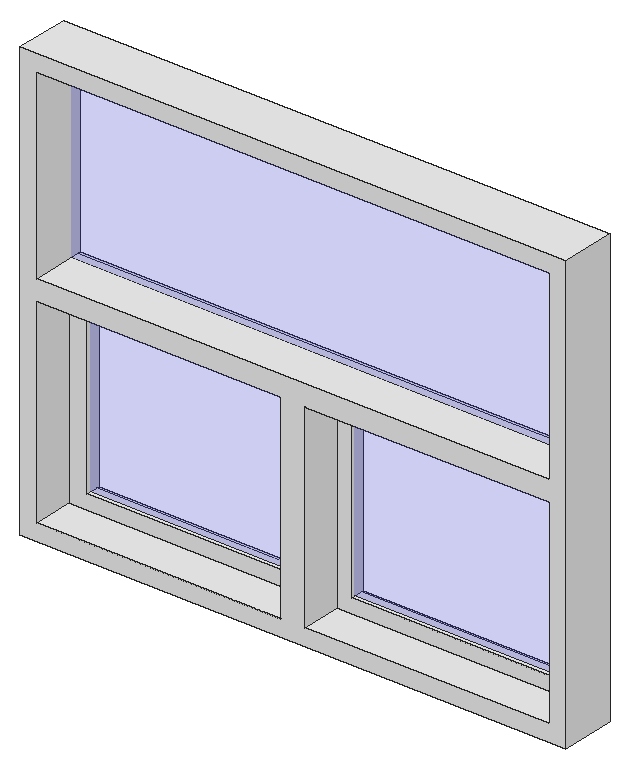
Revit family
Parameters (values of type "AW10")
  창 두께 = 150 mm
  창 패널 = AW9 창 패널
  창 프레임 = AW9 창 프레임
  Height = 1200 mm
  절반 창 두께 = 창 두께 / 2  # 75 mm
  기본 씰 높이 = 1200 mm
  Wall Closure = (empty or 0)
  Width = 1500 mm
Types (4, lengths in mm): name | Height | 기본 씰 높이
  (no name) | 1200 | 1200
  AW9 | 1500 | 1200
  AW9-1 | 1500 | 900
  AW10 | 1200 | 1200
Reference planes
  plane 1: y = 0
  plane 2 "중심(왼쪽/오른쪽)": x = 0
  plane 3 "왼쪽": x = -750
  plane 4 "오른쪽": x = 750
  plane 5 "씰": z = 1200
  plane 6 "헤드": z = 2400
  plane 7 "외부": y = 100
  plane 8 "내부": y = -100
  plane 9: y = 75
  plane 10: y = -75
  plane 11: y = 35
  plane 12: x = -705
  plane 13: x = 705
  plane 14: x = -695
  plane 15: x = 695
  plane 16: z = 1800
  plane 17: z = 1790
  plane 18: z = 1845
  plane 19: y = 55
  plane 20: y = 66
  plane 21: y = 44
  plane 22: y = -11
  plane 23: y = 11
  plane 24: x = -22.5
  plane 25: x = 22.5
  plane 26: x = -32.5
  plane 27: x = 32.5
  plane 28: z = 2355
  plane 29: z = 1245
  plane 30: x = 655
  plane 31: z = 1750
  plane 32: x = -655
  plane 33: z = 1285
  plane 34: x = 72.5
  plane 35: x = -72.5
  plane 36: x = 368.75
  plane 37: x = -368.75
Forms (mm)
  Extrusion 1, solid, material "AW9 창 프레임" <- "창 프레임"
    sketch origin (-2000, 75, 1000) x (-1, 0, 0) y (0, 0, 1)
      loop
        line (-2750, 1400) -> (-2750, 200) -> (-1250, 200) -> (-1250, 1400) -> (-2750, 1400)
      loop
        line (-2705, 1355) -> (-2705, 845) -> (-1295, 845) -> (-1295, 1355) -> (-2705, 1355)
      loop
        line (-2705, 245) -> (-2032.5, 245) -> (-2032.5, 790) -> (-2705, 790) -> (-2705, 245)
      loop
        line (-1295, 245) -> (-1295, 790) -> (-1967.5, 790) -> (-1967.5, 245) -> (-1295, 245)
    from -150 to 0
  Extrusion 2, solid, material "AW9 창 프레임" <- "창 프레임"
    sketch origin (-2000, 75, 1000) x (-1, 0, 0) y (0, 0, 1)
      loop
        line (-2705, 790) -> (-2705, 245) -> (-2032.5, 245) -> (-2032.5, 790) -> (-2705, 790)
      loop
        line (-1967.5, 790) -> (-1967.5, 245) -> (-1295, 245) -> (-1295, 790) -> (-1967.5, 790)
      loop
        line (-2655, 750) -> (-2655, 285) -> (-2072.5, 285) -> (-2072.5, 750) -> (-2655, 750)
      loop
        line (-1927.5, 750) -> (-1927.5, 285) -> (-1345, 285) -> (-1345, 750) -> (-1927.5, 750)
    from -40 to 0
  Extrusion 3, solid, material "AW9 창 패널" <- "창 패널"
    sketch origin (-2000, 75, 1000) x (-1, 0, 0) y (0, 0, 1)
      loop
        line (-2705, 1355) -> (-2705, 845) -> (-1295, 845) -> (-1295, 1355) -> (-2705, 1355)
      loop
        line (-2655, 750) -> (-2655, 285) -> (-2072.5, 285) -> (-2072.5, 750) -> (-2655, 750)
      loop
        line (-1927.5, 750) -> (-1927.5, 285) -> (-1345, 285) -> (-1345, 750) -> (-1927.5, 750)
    from -31 to -9
Lines and regions (mm)
  Opening 1
    outline origin (3500, -100, 0) x (1, 0, 0) y (0, 0, 1)
      loop
        line (-2750, 1200) -> (-2750, 2400) -> (-4250, 2400) -> (-4250, 1200) -> (-2750, 1200)
  symbolic lines, style "입면도 스윙"
    curve 1: line (368.75, 75, 1790) -> (705, 75, 1245)
    curve 2: line (368.75, 75, 1790) -> (32.5, 75, 1245)
    curve 3: line (-32.5, 75, 1245) -> (-368.75, 75, 1790)
    curve 4: line (-368.75, 75, 1790) -> (-705, 75, 1245)
  symbolic lines
    curve 5: line (-750, 0, 0) -> (750, 0, 0)
    curve 6: line (-750, -75, 0) -> (750, -75, 0)
    curve 7: line (-750, 75, 0) -> (750, 75, 0)
    curve 8: line (-750, 100, 0) -> (-750, -100, 0)
    curve 9: line (750, 100, 0) -> (750, -100, 0)
Text (mm)
  text "외부" at (-1963.203, 1332.353, 0), in view "참조 레벨"
  text "내부" at (-1981.466, -818.386, 0), in view "참조 레벨"
  text "외부" at (0, 923.751, 2943.296), in view "오른쪽"
  text "외부" at (0, 1040.484, 2685.409), in view "왼쪽"
Dimensions and locks
  equal spacing: plane 3 "왼쪽", plane 2 "중심(왼쪽/오른쪽)", plane 4 "오른쪽"
  "Width": plane 3 "왼쪽" to plane 4 "오른쪽"
  "Height": plane 5 "씰" to plane 6 "헤드"
  locked: plane 7 "외부" to host wall at 0
  locked: plane 8 "내부" to host wall
  plane 17 to plane 16 to plane 18 = 10 mm locked, 45 mm locked
  plane 9 to plane 19 to plane 11 = 20 mm locked, 20 mm locked
  plane 20 to plane 19 to plane 21 = 11 mm locked, 11 mm locked
  plane 23 to host wall to plane 22 = 11 mm locked, 11 mm locked
  plane 3 "왼쪽" to plane 12 to plane 14 = 45 mm locked, 10 mm locked
  plane 15 to plane 13 to plane 4 "오른쪽" = 10 mm locked, 45 mm locked
  plane 24 to plane 2 "중심(왼쪽/오른쪽)" to plane 25 = 22.5 mm locked, 22.5 mm locked
  locked: plane 26 to plane 24 at 10
  locked: plane 25 to plane 27 at 10
  locked: plane 5 "씰" to plane 16 at 600
  "절반 창 두께": plane 9 to plane 1
  "절반 창 두께": plane 10 to plane 1
  "기본 씰 높이": level to plane 5 "씰"
  locked: plane 28 to plane 6 "헤드" at 45
  locked: plane 5 "씰" to plane 29 at 45
  locked: plane 30 to plane 15 at 40
  locked: plane 31 to plane 17 at 40
  locked: plane 14 to plane 32 at 40
  locked: plane 29 to plane 33 at 40
  locked: plane 34 to plane 27 at 40
  locked: plane 26 to plane 35 at 40
  equal spacing: plane 27, plane 36, plane 13
  equal spacing: plane 26, plane 37, plane 12
  aligned and locked: plane 6 "헤드" to Extrusion 1 sketch curve
  aligned and locked: plane 4 "오른쪽" to Extrusion 1 sketch curve
  aligned and locked: Extrusion 1 sketch curve to plane 5 "씰"
  aligned and locked: Extrusion 1 sketch curve to plane 3 "왼쪽"
  aligned and locked: Extrusion 1 sketch curve to plane 28
  aligned and locked: plane 13 to Extrusion 1 sketch curve  (x2)
  aligned and locked: plane 29 to Extrusion 1 sketch curve  (x2)
  aligned and locked: Extrusion 1 sketch curve to plane 12
  aligned and locked: plane 18 to Extrusion 1 sketch curve
  aligned and locked: plane 12 to Extrusion 1 sketch curve
  aligned and locked: plane 17 to Extrusion 1 sketch curve  (x2)
  aligned and locked: plane 27 to Extrusion 1 sketch curve
  aligned and locked: plane 26 to Extrusion 1 sketch curve
  aligned and locked: Extrusion 1 to plane 10
  aligned and locked: plane 9 to Extrusion 1
  aligned and locked: plane 17 to Extrusion 2 sketch curve  (x2)
  aligned and locked: plane 13 to Extrusion 2 sketch curve
  aligned and locked: plane 29 to Extrusion 2 sketch curve  (x2)
  aligned and locked: plane 27 to Extrusion 2 sketch curve
  aligned and locked: Extrusion 2 sketch curve to plane 31  (x2)
  aligned and locked: plane 30 to Extrusion 2 sketch curve
  aligned and locked: plane 33 to Extrusion 2 sketch curve  (x2)
  aligned and locked: Extrusion 2 sketch curve to plane 34
  aligned and locked: Extrusion 2 sketch curve to plane 26
  aligned and locked: Extrusion 2 sketch curve to plane 12
  aligned and locked: plane 35 to Extrusion 2 sketch curve
  aligned and locked: Extrusion 2 sketch curve to plane 32
  aligned and locked: Extrusion 2 to plane 9
  aligned and locked: Extrusion 2 to plane 11
  aligned and locked: Extrusion 3 sketch curve to plane 28
  aligned and locked: plane 13 to Extrusion 3 sketch curve
  aligned and locked: Extrusion 3 sketch curve to plane 18
  aligned and locked: Extrusion 3 sketch curve to plane 12
  aligned and locked: Extrusion 3 sketch curve to plane 31  (x2)
  aligned and locked: plane 30 to Extrusion 3 sketch curve
  aligned and locked: plane 33 to Extrusion 3 sketch curve  (x2)
  aligned and locked: Extrusion 3 sketch curve to plane 34
  aligned and locked: plane 35 to Extrusion 3 sketch curve
  aligned and locked: Extrusion 3 sketch curve to plane 32
  aligned and locked: Extrusion 3 to plane 21
  aligned and locked: plane 20 to Extrusion 3
  aligned and locked: plane 36 to curve 1
  aligned and locked: plane 29 to curve 1
  aligned and locked: plane 13 to curve 1
  aligned and locked: plane 17 to curve 2
  aligned and locked: plane 27 to curve 2
  aligned and locked: plane 29 to curve 2
  aligned and locked: plane 17 to curve 3
  aligned and locked: plane 37 to curve 3
  aligned and locked: plane 29 to curve 3
  aligned and locked: plane 26 to curve 3
  aligned and locked: plane 29 to curve 4
  aligned and locked: plane 12 to curve 4
  aligned and locked: plane 3 "왼쪽" to curve 5
  aligned and locked: plane 3 "왼쪽" to curve 6
  aligned and locked: plane 4 "오른쪽" to curve 6
  aligned and locked: curve 6 to plane 10
  aligned and locked: host wall to curve 5
  aligned and locked: curve 7 to plane 9
  aligned and locked: plane 8 "내부" to curve 8
  aligned and locked: plane 7 "외부" to curve 8
  aligned and locked: plane 8 "내부" to curve 9
  aligned and locked: plane 7 "외부" to curve 9
  aligned and locked: plane 4 "오른쪽" to curve 9
Automatic sketch dimensions
  Opening 1 sketch curve to plane 3 "왼쪽" = 0 mm
  Opening 1 sketch curve to plane 4 "오른쪽" = 0 mm
  Opening 1 sketch curve to plane 5 "씰" = 0 mm
  Opening 1 sketch curve to plane 6 "헤드" = 0 mm
  Extrusion 1 sketch curve to plane 17 = 0 mm
  Extrusion 1 sketch curve to plane 29 = 0 mm
